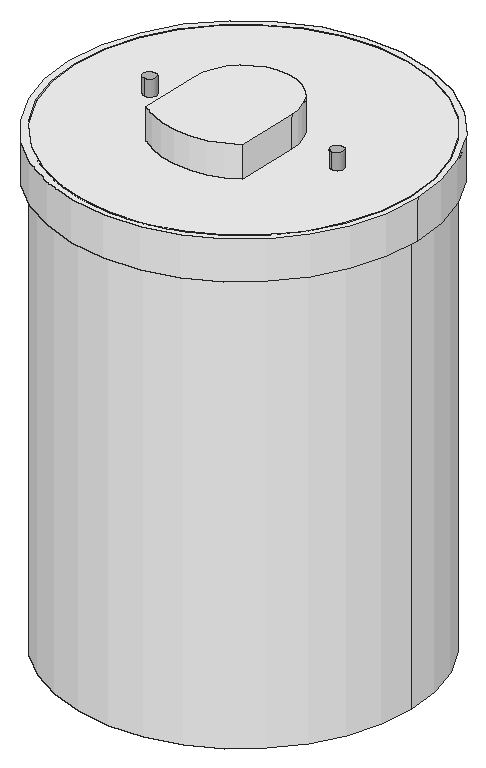
Revit family "VIESSMANN - Vitocell 100-W CUG CUGA CUGA-A 100 L", category Wyposażenie mechaniczne, Revit 2017
Family settings
  Wymiar okrągłego złącza = Użyj średnicy
  Typ części = Normalny
  Numer OmniClass = 23.65.35.11.11
  Tytuł OmniClass = Storage Water Heaters
  Oparty na płaszczyźnie roboczej = Nie
  Zawsze pionowo = Tak
  Tnij formami wycięć po wczytaniu = Nie
  Współdzielony = Nie
  Punkt obliczania pomieszczeń = Nie
Parameters (values of type "Zbiornik CUG 100L")
  Średnica = 553 mm
  Zimna woda użytkowa = 3/4"
  Zasilanie wody grzewczej = 1"
  Wysokość = 836 mm
  Viessmann Kolor 3 = Viessmann Kolor 3
  Viessmann Kolor 2 = Viessmann Kolor 2
  Viessmann Kolor 1 = Viessmann Kolor 1
  URL = "https://www.viessmann-projektant.pl/baza-urzadzen/zbiorniki-buforowe-i-cwu/podgrzewaczebiwalentne"
  Producent = "Viessmann Sp.z.o.o."  # constant formula
  Powrót wody grzewczej = 1"
  Powierzchnia grzewcza = 0.9 cm²
  Pojemność podgrzewacza = 100.0 L
  Opis indeksowy = "9W245/11-13MC/E"  # constant formula
  Opis = "Pojemnościowy podgrzewacz wody"
  Numer identyfikacyjny produktu = "9W245/11-13MC/E"
  Model = "Podgrzewacz pojemnościowy Viessmann Vitocell 100-W CUG 100L / Hot water storage tank Viessmann Vitocell 100-W CUG 100L"  # constant formula
  Masa całkowita = 51.00 kg
  Klasa efektywności energetycznej = "C"
  Ilość ciepła dyżurnego = "1.49 kWh/24h"
  Długość = 574 mm
  Dop. temperatura po stronie wody grzewczej = 160 °C
  Dop. temperatura po stronie cwu = 95 °C
  Dop. ciśnienie robocze po stronie wody użytkowej = 1000.000 kPa
  Dop. ciśnienie robocze po stronie wody grzewczej = 1000.000 kPa
  Cyrkulacja = 3/4"
  Ciepła woda użytkowa = 3/4"
  Autor = "https://www.archispace.pl/"
Reference planes
  plane 1 "Środek (Przód/Tył)": y = 0
  plane 2: z = 0
  plane 3 "Środek (Lewa/Prawa)": x = 0
  plane 4 "Góra": z = 836
Forms (mm)
  Extrusion 1, solid, material "Viessmann Kolor 1" <- "Viessmann Kolor 1", detail levels medium+fine
    sketch origin (0, 0, 0) x (1, 0, 0) y (0, 1, 0)
      loop
        circle (0, 0) r 276.5
    from 30.413 to 785.782
  Extrusion 2, solid, material "Viessmann Kolor 3" <- "Viessmann Kolor 3", detail levels medium+fine
    sketch origin (0, 0, 0) x (1, 0, 0) y (0, 1, 0)
      loop
        circle (-108.119, 120.489) r 30
      loop
        circle (119.162, 122.649) r 30
      loop
        circle (-0.06, -159.663) r 30
    from 0 to 9.205
  Extrusion 3, solid, material "Viessmann Kolor 3" <- "Viessmann Kolor 3", detail levels medium+fine
    sketch origin (0, 0, 0) x (1, 0, 0) y (0, 1, 0)
      loop
        circle (-108.615, 121.789) r 10
      loop
        circle (119.56, 122.578) r 10
      loop
        circle (0.055, -159.745) r 10
    from 9.205 to 30.413
  Extrusion 4, solid, material "Viessmann Kolor 1" <- "Viessmann Kolor 1", detail levels medium+fine
    sketch origin (0, 0, 836) x (-1, 0, 0) y (0, -1, 0)
      loop
        line (80, 0) -> (80, 100)
        arc (80, 100) -> (0, 126.167) -> (-80, 100) r 135.375
        line (-80, 100) -> (-80, 0)
        arc (-80, 0) -> (0, -80) -> (80, 0) r 80
    from -50.218 to 0
  Extrusion 5, solid, material "Viessmann Kolor 1" <- "Viessmann Kolor 1", detail levels medium+fine
    sketch origin (0, 0, 836) x (-1, 0, 0) y (0, -1, 0)
      loop
        circle (0, 0) r 286.806
      loop
        circle (0, 0) r 276.5
    from -112.855 to -50.218
  Sweep 6, solid, material "Viessmann Kolor 2" <- "Viessmann Kolor 2"
    path origin (0, 0, 0) x (0, 1, 0) y (0, 0, 1)
      loop
        line (0, 636) -> (0, 811)
    profile origin (0, 0, 723.5) x (0, -1, 0) y (1, 0, 0)
      loop
        circle (0, -154) r 10
      loop
        circle (0, 154) r 10
  Sweep 7, solid, material "Viessmann Kolor 2" <- "Viessmann Kolor 2"
    path origin (0, 0, 0) x (0, 1, 0) y (0, 0, 1)
      loop
        line (0, 517.892) -> (300.5, 517.892)
    profile origin (0, 150.25, 517.892) x (0, 0, 1) y (1, 0, 0)
      loop
        circle (182.108, 0) r 9.525
      loop
        circle (-118.892, 0) r 9.525
      loop
        circle (-439.892, 0) r 9.525
  Extrusion 8, solid, material "Viessmann Kolor 1" <- "Viessmann Kolor 1", detail levels coarse
    sketch origin (0, 0, 836) x (-1, 0, 0) y (0, -1, 0)
      loop
        circle (0, 0) r 276.5
    from -836 to -50.218
Cuts and joins
  joined: Extrusion 2, Extrusion 3
Dimensions and locks
  locked: plane 4 "Góra" to level at 836
  plane 4 "Góra" to Extrusion 1 to Extrusion 1 to level = 50.218 mm, 755.368 mm, 30.413 mm
  locked: Sweep 6 sketch curve to plane 3 "Środek (Lewa/Prawa)" at 154
  plane 3 "Środek (Lewa/Prawa)" to Sweep 6 sketch curve = 154 mm
  aligned and locked: level to plane 2
Connectors
  piping at (0, 300.5, 700), diameter 19.05, driven by "Ciepła woda użytkowa"
    settings: on Sweep 7, index 3, connector inside diameter 24", connector length 0 mm, flow factor 0, pipe flow 0.540 m³/h, pressure drop 3.300 kPa, fitting loss kfactor 0, connector angle 0.00°, fixture units 0, engagement length 0 mm, angle of deflection 0.00°, flow configuration 0, flow direction 2, fitting loss method 4, system type 19, joint type 0, gender type 0, connector reference index -1, connector utility 0, adjustable connector no, is connector primary yes, connector description ""
  piping at (0, 300.5, 399), diameter 19.05, driven by "Cyrkulacja"
    settings: on Sweep 7, index 4, connector inside diameter 24", connector length 0 mm, flow factor 0, pipe flow 0.000 m³/h, pressure drop 0.000 kPa, fitting loss kfactor 0, connector angle 0.00°, fixture units 0, engagement length 0 mm, angle of deflection 0.00°, flow configuration 0, flow direction 2, fitting loss method 0, system type 22, joint type 0, gender type 0, connector reference index -1, connector utility 0, adjustable connector no, is connector primary no, connector description ""
  piping at (0, 300.5, 78), diameter 19.05, driven by "Zimna woda użytkowa"
    settings: on Sweep 7, index 5, connector inside diameter 24", connector length 0 mm, flow factor 0, pipe flow 0.540 m³/h, pressure drop 3.300 kPa, fitting loss kfactor 0, connector angle 0.00°, fixture units 0, engagement length 0 mm, angle of deflection 0.00°, flow configuration 0, flow direction 1, fitting loss method 4, system type 20, joint type 0, gender type 0, connector reference index -1, connector utility 0, adjustable connector no, is connector primary no, connector description ""
  piping at (-154, 0, 811), diameter 25.4, driven by "Zasilanie wody grzewczej"
    settings: on Sweep 6, index 6, connector inside diameter 24", connector length 0 mm, flow factor 0, pipe flow 0.000 m³/h, pressure drop 0.000 kPa, fitting loss kfactor 0, connector angle 0.00°, fixture units 0, engagement length 0 mm, angle of deflection 0.00°, flow configuration 0, flow direction 2, fitting loss method 4, system type 7, joint type 0, gender type 0, connector reference index -1, connector utility 0, adjustable connector no, is connector primary no, connector description ""
  piping at (154, 0, 811), diameter 25.4, driven by "Powrót wody grzewczej"
    settings: on Sweep 6, index 7, connector inside diameter 24", connector length 0 mm, flow factor 0, pipe flow 0.000 m³/h, pressure drop 0.000 kPa, fitting loss kfactor 0, connector angle 0.00°, fixture units 0, engagement length 0 mm, angle of deflection 0.00°, flow configuration 0, flow direction 1, fitting loss method 4, system type 8, joint type 0, gender type 0, connector reference index -1, connector utility 0, adjustable connector no, is connector primary no, connector description ""
